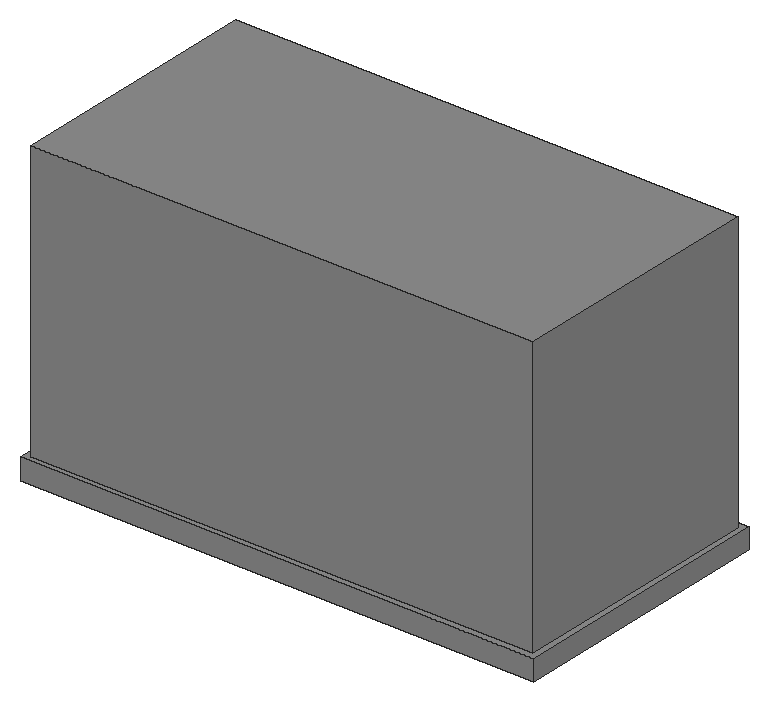
Revit family
Parameters (values of type "38AUZ16")
  Wired Condenser Coil Grille [instance] = no
  Width = 3' - 9 1/8"
  Voltage = 0 V
  Version = 1
  Unit Material = Paint - Carrier - American Sterling Gray
  URL = "www.carrier.com"
  Type Comments = "15 Tons Air Cooled Condensing Unit"
  Temperature Control [instance] = no
  Suction Connection Size = 1 3/8"
  Suction Connection Radus = Suction Connection Size / 2  # 11/16"
  Special Coated Coil Protection [instance] = no
  Right Clearance = 3' - 0"
  Programmable Thermostat [instance] = no
  Model = "38AUZ16"
  Manufacturer = "Carrier"  # constant formula
  MOCP = 0 A
  MCA = 0 A
  Louvered Hail Guard [instance] = no
  Liquid Connection Size = 5/8"
  Liquid Connection Radius = Liquid Connection Size / 2  # 5/16"
  Length = 7' - 2 3/8"
  Left Clearance = 3' - 0"
  IEER = 13.2
  Height = 4' - 2 3/8"
  Front Clearance = 3' - 6"
  Fan Radius = 1' - 0"
  Fan Centerline from Side = (Length - 0' 8") / 5  # 1' - 3.675"
  Fan Centerline from Back = Fan Radius + 0' 2"  # 1' - 2"
  EER = 11.2
  Disconnect Switch [instance] = no
  Disclaimer = "Manufacturer reserves the right to change, at any time, specifications and designs without notice and without obligation.  Please verify critical parameters with local Carrier commercial sales office."  # constant formula
  Convenience Outlet [instance] = no
  Back Clearance = 3' - 0"
  Assembly Code = "D3030"
Reference planes (in)
  plane 1 "Center (Front/Back)": y = 0
  plane 2: z = 0
  plane 3 "Center (Left/Right)": x = 0
  plane 4 "Back Face of Base": y = 22.5625
  plane 5 "Front Face of Base": y = -22.5625
  plane 6 "Left Face of Base": x = -43.1875
  plane 7 "Right Face of Base": x = 43.1875
  plane 8 "Back Clearance Line": y = 58.5625
  plane 9 "Left Clearance Line": x = -79.1875
  plane 10 "Right Clearance Line": x = 79.1875
  plane 11 "Front Clearance Line": y = -64.5625
  plane 12 "Top of Unit": z = 50.375
  plane 13 "Bottom of Unit": z = 0
  plane 14 "Top of Base": z = 3.5
  plane 15 "Back Face of Unit": y = 21.5625
  plane 16 "Front Face of Unit": y = -21.5625
  plane 17 "Left Face of Unit": x = -42.1875
  plane 18 "Right Face of Unit": x = 42.1875
  plane 19 "Fan Centerline from Back": y = 7.5625
  plane 20 "Left Fan Centerline": x = -26.5125
  plane 21 "Right Fan Centerline": x = 26.5125
  plane 22 "Liquid and Section Connections - Front": y = -15.1875
  plane 23 "Suction Connection": z = 11.25
  plane 24 "Liquid Connection": z = 6.25
  plane 25 "Power Entry Centerline - Vertical": z = 37.125
  plane 26 "Convenience Outlet Centerline - Vertical": z = 17
  plane 27 "Power Entry Centerline - Horizontal": y = -17.8125
  plane 28 "Convenience Outlet Centerline - Horizontal": y = -17.0625
  plane 29 "Liquid and Section Connections - Rear": y = -9.0625
Forms (in)
  Extrusion 1, solid, material "Paint - Carrier - American Sterling Gray" <- "Unit Material"
    sketch origin (0, 0, 3.5) x (-1, 0, 0) y (0, -1, 0)
      loop
        line (42.1875, 21.5625) -> (-42.1875, 21.5625) -> (-42.1875, -21.5625) -> (42.1875, -21.5625) -> (42.1875, 21.5625)
    from 0 to 46.875
  Extrusion 2, solid, material "Paint - Carrier - American Sterling Gray" <- "Unit Material"
    sketch origin (0, 0, 0) x (-1, 0, 0) y (0, -1, 0)
      loop
        line (43.1875, 22.5625) -> (-43.1875, 22.5625) -> (-43.1875, -22.5625) -> (43.1875, -22.5625) -> (43.1875, 22.5625)
    from 0 to 3.5
  Extrusion 3, void
    sketch origin (-42.1875, 0, 0) x (0, 1, 0) y (0, 0, 1)
      loop
        circle (-17.8125, 37.125) r 0.75
    from 0 to 0.5
  Extrusion 4, solid, material "Paint - Carrier - American Sterling Gray"
    sketch origin (-42.1875, 0, 0) x (0, 1, 0) y (0, 0, 1)
      loop
        line (-15.8125, 15) -> (-15.8125, 19) -> (-18.3125, 19) -> (-18.3125, 15) -> (-15.8125, 15)
    from 0 to -0.0625
  Extrusion 5, solid, material "Paint - Carrier - American Sterling Gray", detail levels fine
    sketch origin (-42.1875, 0, 0) x (0, 1, 0) y (0, 0, 1)
      loop
        circle (-9.0625, 11.25) r 1
    from 0 to -0.0625
  Extrusion 6, solid, material "Paint - Carrier - American Sterling Gray", detail levels fine
    sketch origin (-42.1875, 0, 0) x (0, 1, 0) y (0, 0, 1)
      loop
        circle (-9.0625, 6.25) r 0.75
    from 0 to 0.5
Lines and regions (in)
  symbolic lines, style "Clearance Zones", detail levels fine
    curve 1: line (-79.1875, -64.5625, 0) -> (79.1875, -64.5625, 0)
    curve 2: line (-79.1875, 58.5625, 0) -> (-79.1875, -64.5625, 0)
    curve 3: line (79.1875, 58.5625, 0) -> (-79.1875, 58.5625, 0)
    curve 4: line (79.1875, -64.5625, 0) -> (79.1875, 58.5625, 0)
  model lines, detail levels medium+fine
    curve 5: line (-42.1875, -0.5625, 50.375) -> (-42.1875, -0.5625, 3.5)
    curve 6: line (-42.1875, 1.9375, 3.5) -> (-42.1875, 1.9375, 50.375)
    curve 7: line (6.8125, -21.5625, 3.5) -> (6.8125, -21.5625, 50.375)
    curve 8: line (-42.1875, -16.8125, 4.5) -> (-42.1875, -4.8125, 4.5)
    curve 9: line (-42.1875, -16.8125, 13) -> (-42.1875, -16.8125, 4.5)
    curve 10: line (-42.1875, -4.8125, 13) -> (-42.1875, -16.8125, 13)
    curve 11: line (-42.1875, -4.8125, 4.5) -> (-42.1875, -4.8125, 13)
    curve 12: line (1.8125, -21.5625, 50.375) -> (1.8125, -21.5625, 3.5)
    curve 13: line (4.3125, -21.5625, 50.375) -> (4.3125, -21.5625, 3.5)
Dimensions and locks (in)
  equal spacing: plane 6 "Left Face of Base", plane 3 "Center (Left/Right)", plane 7 "Right Face of Base"
  "Length": plane 6 "Left Face of Base" to plane 7 "Right Face of Base"
  equal spacing: plane 4 "Back Face of Base", plane 1 "Center (Front/Back)", plane 5 "Front Face of Base"
  "Width": plane 4 "Back Face of Base" to plane 5 "Front Face of Base"
  "Left Clearance": plane 9 "Left Clearance Line" to plane 6 "Left Face of Base"
  "Right Clearance": plane 7 "Right Face of Base" to plane 10 "Right Clearance Line"
  "Back Clearance": plane 8 "Back Clearance Line" to plane 4 "Back Face of Base"
  "Front Clearance": plane 5 "Front Face of Base" to plane 11 "Front Clearance Line"
  "Height": plane 12 "Top of Unit" to level
  locked: plane 14 "Top of Base" to plane 13 "Bottom of Unit" at 3.5
  locked: plane 4 "Back Face of Base" to plane 15 "Back Face of Unit" at 1
  locked: plane 16 "Front Face of Unit" to plane 5 "Front Face of Base" at 1
  locked: plane 6 "Left Face of Base" to plane 17 "Left Face of Unit" at 1
  locked: plane 18 "Right Face of Unit" to plane 7 "Right Face of Base" at 1
  "Fan Centerline from Side": plane 17 "Left Face of Unit" to plane 20 "Left Fan Centerline"
  "Fan Centerline from Side": plane 21 "Right Fan Centerline" to plane 18 "Right Face of Unit"
  "Fan Centerline from Back": plane 15 "Back Face of Unit" to plane 19 "Fan Centerline from Back"
  locked: curve 5 to plane 5 "Front Face of Base" at 22
  locked: curve 6 to curve 5 at 2.5
  locked: curve 8 to plane 14 "Top of Base" at 1
  locked: curve 10 to plane 13 "Bottom of Unit" at 13
  locked: plane 16 "Front Face of Unit" to curve 9 at 4.75
  locked: curve 9 to curve 11 at 12
  locked: plane 5 "Front Face of Base" to plane 22 "Liquid and Section Connections - Front" at 7.375
  locked: plane 24 "Liquid Connection" to plane 13 "Bottom of Unit" at 6.25
  locked: plane 23 "Suction Connection" to plane 13 "Bottom of Unit" at 11.25
  locked: plane 12 "Top of Unit" to plane 25 "Power Entry Centerline - Vertical" at 13.25
  locked: plane 26 "Convenience Outlet Centerline - Vertical" to plane 13 "Bottom of Unit" at 17
  locked: plane 27 "Power Entry Centerline - Horizontal" to plane 16 "Front Face of Unit" at 3.75
  locked: plane 28 "Convenience Outlet Centerline - Horizontal" to plane 16 "Front Face of Unit" at 4.5
  Extrusion 4 sketch curve to plane 28 "Convenience Outlet Centerline - Horizontal" to Extrusion 4 sketch curve = 0' - 1 1/4" locked, 0' - 1 1/4" locked
  Extrusion 4 sketch curve to plane 26 "Convenience Outlet Centerline - Vertical" to Extrusion 4 sketch curve = 0' - 2" locked, 0' - 2" locked
  locked: plane 22 "Liquid and Section Connections - Front" to plane 29 "Liquid and Section Connections - Rear" at 6.125
  locked: curve 12 to curve 13 at 2.5
  locked: curve 13 to curve 7 at 2.5
  locked: curve 12 to plane 17 "Left Face of Unit" at 44
  radius of Extrusion 3 sketch curve = 0' - 0 3/4"
  radius of Extrusion 5 sketch curve = 0' - 1"
  radius of Extrusion 6 sketch curve = 0' - 0 3/4"
  aligned and locked: level to plane 2
  aligned and locked: plane 8 "Back Clearance Line" to curve 3
  aligned and locked: plane 10 "Right Clearance Line" to curve 4
  aligned and locked: curve 1 to plane 11 "Front Clearance Line"
  aligned and locked: curve 2 to plane 9 "Left Clearance Line"
  aligned and locked: level to plane 13 "Bottom of Unit"
  aligned and locked: plane 15 "Back Face of Unit" to Extrusion 1
  aligned and locked: plane 18 "Right Face of Unit" to Extrusion 1
  aligned and locked: Extrusion 1 to plane 16 "Front Face of Unit"
  aligned and locked: Extrusion 1 to plane 17 "Left Face of Unit"
  aligned and locked: Extrusion 1 to plane 14 "Top of Base"
  aligned and locked: plane 12 "Top of Unit" to Extrusion 1
  aligned and locked: Extrusion 2 to plane 6 "Left Face of Base"
  aligned and locked: plane 4 "Back Face of Base" to Extrusion 2
  aligned and locked: plane 7 "Right Face of Base" to Extrusion 2
  aligned and locked: Extrusion 2 to plane 5 "Front Face of Base"
  aligned and locked: Extrusion 2 to plane 13 "Bottom of Unit"
  aligned and locked: plane 14 "Top of Base" to Extrusion 2
  aligned and locked: plane 12 "Top of Unit" to curve 5
  aligned and locked: plane 14 "Top of Base" to curve 5
  aligned and locked: plane 12 "Top of Unit" to curve 6
  aligned and locked: plane 14 "Top of Base" to curve 6
  aligned and locked: plane 12 "Top of Unit" to curve 7
  aligned and locked: plane 14 "Top of Base" to curve 7
  aligned and locked: plane 25 "Power Entry Centerline - Vertical" to Extrusion 3 sketch curve
  aligned and locked: plane 27 "Power Entry Centerline - Horizontal" to Extrusion 3 sketch curve
  aligned and locked: plane 17 "Left Face of Unit" to Extrusion 4
  aligned and locked: nested 1 to plane 19 "Fan Centerline from Back"
  aligned and locked: nested 2 to plane 19 "Fan Centerline from Back"
  aligned and locked: nested 3 to plane 19 "Fan Centerline from Back"
  aligned and locked: plane 3 "Center (Left/Right)" to nested 2
  aligned and locked: plane 20 "Left Fan Centerline" to nested 1
  aligned and locked: plane 21 "Right Fan Centerline" to nested 3
  aligned and locked: plane 14 "Top of Base" to curve 13
  aligned and locked: plane 14 "Top of Base" to curve 12
  aligned and locked: plane 12 "Top of Unit" to curve 13
  aligned and locked: plane 12 "Top of Unit" to curve 12
  aligned and locked: plane 29 "Liquid and Section Connections - Rear" to Extrusion 5 sketch curve
  aligned and locked: plane 23 "Suction Connection" to Extrusion 5 sketch curve
  aligned and locked: Extrusion 3 to plane 17 "Left Face of Unit"
  aligned and locked: plane 24 "Liquid Connection" to Extrusion 6 sketch curve
  aligned and locked: plane 29 "Liquid and Section Connections - Rear" to Extrusion 6 sketch curve
  aligned and locked: Extrusion 6 to plane 17 "Left Face of Unit"
Automatic sketch dimensions
  Extrusion 1 sketch curve to plane 18 "Right Face of Unit" = 0' - 0"
  plane 17 "Left Face of Unit" to Extrusion 1 sketch curve = 0' - 0"
  Extrusion 1 sketch curve to plane 15 "Back Face of Unit" = 0' - 0"
  plane 16 "Front Face of Unit" to Extrusion 1 sketch curve = 0' - 0"
  plane 7 "Right Face of Base" to Extrusion 2 sketch curve = 0' - 0"
  Extrusion 2 sketch curve to plane 6 "Left Face of Base" = 0' - 0"
  plane 4 "Back Face of Base" to Extrusion 2 sketch curve = 0' - 0"
  Extrusion 2 sketch curve to plane 5 "Front Face of Base" = 0' - 0"
Nested families (in)
  nested 1: "Fan-Grill-Carrier" at (-26.5125, 7.5625, 50.375), built-in parameter 1001364 <- "Height", type "Fan-Grill-Carrier", detail levels medium+fine
  nested 2: "Fan-Grill-Carrier" at (0, 7.5625, 50.375), built-in parameter 1001364 <- "Height", type "Fan-Grill-Carrier", detail levels medium+fine
  nested 3: "Fan-Grill-Carrier" at (26.5125, 7.5625, 50.375), built-in parameter 1001364 <- "Height", type "Fan-Grill-Carrier", detail levels medium+fine
Connectors (in)
  electrical at (-42.1875, -17.8125, 37.125)
    settings: on Extrusion 3, index 5, voltage 0 V, apparent load 0 VA, apparent load phase1 0 VA, apparent load phase2 0 VA, apparent load phase3 0 VA, power factor 1, load classification "Motor", number of poles 3, system type 30, power factor state 1, is connector primary yes, connector utility no, sub classification motor no, connector description "Primary Power"
  piping at (-42.1875, -9.0625, 6.25), driven by "Liquid Connection Radius"
    settings: on Extrusion 6, index 9, connector radius 5/16", flow factor 0, pipe flow 0 GPM, pressure drop 0.00 psi, fitting loss kfactor 0, connector angle 0.00°, fixture units 0, flow configuration 1, flow direction 2, fitting loss method 0, system type 22, connector reference index -1, connector utility 0, adjustable connector no, is connector primary yes, fitting loss table "", connector description "Liquid Connection"
  piping at (-42.25, -9.0625, 11.25), driven by "Suction Connection Radus"
    settings: on Extrusion 5, index 10, connector radius 11/16", flow factor 0, pipe flow 0 GPM, pressure drop 0.00 psi, fitting loss kfactor 0, connector angle 0.00°, fixture units 0, flow configuration 1, flow direction 1, fitting loss method 0, system type 22, connector reference index -1, connector utility 0, adjustable connector no, is connector primary no, fitting loss table "", connector description "Suction Connection"
Definition of nested family "Fan-Grill-Carrier"
  Parameters (values of type "OutdoorFan")
    Fan Radius = 0' - 11"
    Fan 3rd Circle Radius = Fan Radius * 0.75  # 0' - 8 1/4"
    Fan 2nd Circle Radius = Fan Radius * 0.5  # 0' - 5 1/2"
    Fan Inner Circle Radius = Fan Radius * 0.25  # 0' - 2 3/4"
    Assembly Code = ""
  Reference planes (in)
    plane 1 "Center (Front/Back)": y = 0
    plane 2: z = 0
    plane 3 "Center (Left/Right)": x = 0
  Lines and regions (in)
    model lines, style "Fan", detail levels medium+fine
      curve 1: circle (0, 0, 0) r 11 normal (0, 0, 1)
      curve 2: circle (0, 0, 0) r 5.5 normal (0, 0, 1)
      curve 3: circle (0, 0, 0) r 2.75 normal (0, 0, 1)
      curve 4: circle (0, 0, 0) r 8.25 normal (0, 0, 1)
  Dimensions and locks (in)
    "Fan Radius": radius of curve 1
    "Fan 3rd Circle Radius": radius of curve 4
    "Fan Inner Circle Radius": radius of curve 3
    "Fan 2nd Circle Radius": radius of curve 2
    aligned and locked: level to plane 2
  Automatic sketch dimensions
    curve 1 to curve 3 = 0' - 0"  (x2)
    curve 2 to curve 4 = 0' - 0"  (x2)
    curve 3 to curve 4 = 0' - 0"  (x2)
    plane 1 "Center (Front/Back)" to curve 2 = 0' - 0"
    curve 2 to plane 3 "Center (Left/Right)" = 0' - 0"
